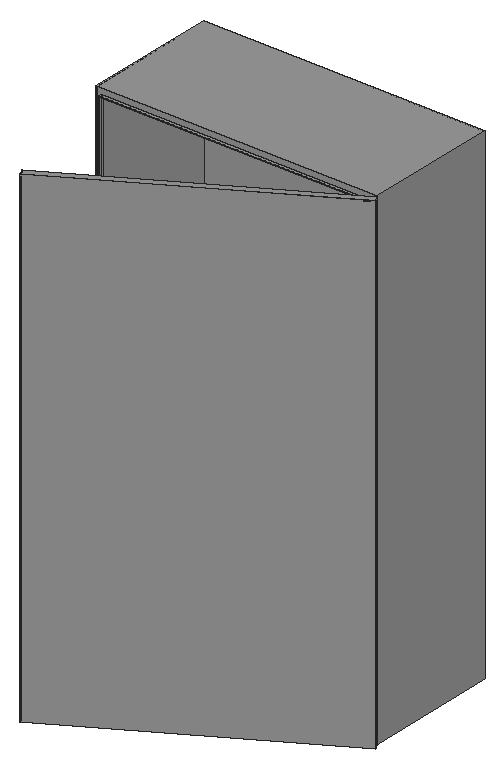
Revit family "Hager-Univers-IP55-D400-H1400-Cl.I-Steel_encl-NoHosted-CH-fr", category Electrical Equipment, Revit 2020
Family settings
  Panel Configuration = Two Columns, Circuits Across
  Round Connector Dimension = Use Diameter
  Part Type = Panelboard
  Work Plane-Based = Yes
  Always vertical = Yes
  Cut with Voids When Loaded = No
  Shared = No
  Room Calculation Point = No
Parameters (values of type "saillie IP55 L800 H1400 P400  - FR93G")
  Width Control [instance] = if([EF000008 - largeur] > Min Width, [EF000008 - largeur], Min Width)  # 800 mm
  Type Comments = [HG000003 - Gamme]  # "Univers"
  Thickness Door [instance] = if([EF009171 - épaisseur de matériau de la porte/du couvercle] > 3 mm, 3 mm, [EF009171 - épaisseur de matériau de la porte/du couvercle])  # 1.5 mm
  Seal Frame Offset [instance] = 17 mm  # constant formula
  Plinth Visibility [instance] = [HG000027 - Hauteur du socle] > 0 mm  # no
  Min Width [instance] = 100 mm  # constant formula
  Min Depth [instance] = (2 * [EF009170 - épaisseur de matériau du boîtier]) + 1 mm  # 4 mm
  Min Height [instance] = 100 mm  # constant formula
  Internal Frame Depth [instance] = (Door System Depth * 0.5)  # 9 mm
  Panel Name [instance] = ""  # (empty or 0)
  Model = ""
  HG000027 - Hauteur du socle = 0 mm
  HG000026 - Installation au sol = no
  HG000024 - Hauteur de la section basse = 600 mm
  HG000023 - Armoire double section = no
  HG000016 - Visibilité de la porte 3D [instance] = yes
  HG000015 - Visibilité de l'emprise de la porte [instance] = no
  HG000014 - Porte à droite [instance] = yes
  HG000013 - Porte à gauche [instance] = not([HG000014 - Porte à droite])  # no
  HG000012 - Angle de pivotement de la porte [instance] = 30.00°
  HG000010 - Portes asymétriques = no
  HG000009 - Porte à double battant = no
  HG000006 - Encastré = no
  HG000004 - Référence fabricant = "FR93G"
  HG000003 - Gamme = "Univers"
  HG000002 - avec porte = yes
  Frame Offset Bottom [instance] = 10 mm  # constant formula
  Frame Offset [instance] = 15 mm  # constant formula
  EF015940 - couvercle avec décharge de pression = no
  EF011959 - degré de protection (NEMA) = ""
  EF009554 - nombre d'ouvertures pour plaques à bride = 6
  EF009212 - finition du couvercle = "EV000116 - fermé"
  EF009171 - épaisseur de matériau de la porte/du couvercle = 1.5 mm
  EF009170 - épaisseur de matériau du boîtier = 1.5 mm
  EF008873 - courant nominal (In) = 800 A
  EF007800 - adapté à un parafoudre = no
  EF006306 - avec serrure = no
  EF006244 - couvercle/porte transparent(e) = no
  EF005474 - indice de protection (IP) = "EV006420 - IP55"
  EF004464 - type de porte = "EV002646 - unique"
  EF004427 - nombre de modules = 324
  EF004293 - indice de protection contre les chocs (IK) = "EV008784 - IK10"
  EF003532 - convient pour utilisation à l’extérieur = no
  EF002950 - largeur en nombre de modules = 24
  EF001613 - maintien de fonction = "EV000494 - sans"
  EF001596 - matériau du boîtier/corps = "EV000179 - acier"
  EF001131 - profondeur intérieure = 400 mm
  EF001088 - possibilité de montage en saillie = yes
  EF000437 - nombre d'entrées de conduit = 6
  EF000339 - type de capot = "EV004216 - porte"
  EF000266 - nombre de rangées = 9
  EF000218 - profondeur d'encastrement = 0 mm
  EF000118 - avec cadre/support de montage = no
  EF000116 - numéro RAL = "7035"
  EF000049 - profondeur = 400 mm
  EF000040 - hauteur = 1400 mm
  EF000008 - largeur = 800 mm
  EF000007 - couleur = "EV000270 - gris"
  EF000003 - mode de pose = "EV000384 - saillie"
  Door System Leaf Tolerance [instance] = 1.5 mm  # constant formula
  Door System Depth [instance] = 18 mm  # constant formula
  Door Height [instance] = Height Control - [HG000027 - Hauteur du socle]  # 1400 mm
  Description = ""
  Default Elevation = 1219.2 mm
  Connector Offset [instance] = Height Control / 2  # 700 mm
  Manufacturer = "Hager"  # constant formula
  Height Control [instance] = if([EF000040 - hauteur] > Min Height, [EF000040 - hauteur], Min Height)  # 1400 mm
  Depth Control [instance] = if([EF000049 - profondeur] > Min Depth, [EF000049 - profondeur], Min Depth)  # 400 mm
  Bottom Top Plate Trim [instance] = 1.5 mm  # constant formula
  Plinth height Ctrl [instance] = if([HG000027 - Hauteur du socle] > 0 mm, [HG000027 - Hauteur du socle], 12 mm)  # 12 mm
Types (3, lengths in mm): name | Width Control | HG000009 - Porte à double battant | HG000004 - Référence fabricant | EF009554 - nombre d'ouvertures pour plaques à bride | EF004464 - type de porte | EF004427 - nombre de modules | EF000437 - nombre d'entrées de conduit | EF000008 - largeur
  saillie IP55 L1050 H1400 P400  - FR94G | 1050 | yes | "FR94G" | 8 | "EV003602 - double" | 432 | 8 | 1050
  saillie IP55 L550 H1400 P400  - FR92G | 550 | no | "FR92G" | 4 | "EV002646 - unique" | 216 | 4 | 550
  saillie IP55 L800 H1400 P400  - FR93G | 800 | no | "FR93G" | 6 | "EV002646 - unique" | 324 | 6 | 800
Reference planes
  plane 1 "Center (Front/Back)": y = 0
  plane 2: z = 0
  plane 3 "Center (Left/Right)": x = 0
  plane 4: y = 0
  plane 5: y = 0
  plane 6: z = 0
  plane 7: x = -400
  plane 8: x = 400
  plane 9: x = 398.5
  plane 10: x = -398.5
  plane 11: z = 0
  plane 12: z = 1.5
  plane 13: y = -400
  plane 14: y = -1.5
  plane 15: x = 0
  plane 16: y = -382
  plane 17: y = -398.5
  plane 18: y = -380.5
  plane 19: x = -383.5
  plane 20: x = 383.5
  plane 21: z = 11.5
  plane 22: x = -383
  plane 23: x = 383
  plane 24: z = 0
  plane 25: z = 1400
  plane 26: z = 1400
  plane 27: z = 1383.5
  plane 28: z = 1398.5
Forms (mm)
  Extrusion 1, solid, material "Hager_Steel_RAL7035_Light_Grey", detail levels medium+fine
    sketch origin (-208.679, -4572, 0) x (-1, 0, 0) y (0, -1, 0)
      loop
        line (191.321, -4190) -> (-608.679, -4190) -> (-608.679, -4572) -> (191.321, -4572) -> (191.321, -4190)
    from 0 to 1400
  Extrusion 2, void
    sketch origin (-350.771, -400, 1219.2) x (1, 0, 0) y (0, 0, 1)
      loop
        line (-47.729, 179.3) -> (-47.729, -1217.7) -> (749.271, -1217.7) -> (749.271, 179.3) -> (-47.729, 179.3)
    from -19.5 to -398.5
  Extrusion 3, void
    sketch origin (-290.084, -382, 1219.2) x (1, 0, 0) y (0, 0, 1)
      loop
        line (-93.416, -1207.7) -> (673.584, -1207.7) -> (673.584, 164.3) -> (-93.416, 164.3) -> (-93.416, -1207.7)
    from 0 to -1.5
  Extrusion 4, solid, material "Hager_Steel_RAL7035_Light_Grey", visible <- "Plinth Visibility", detail levels medium+fine
    sketch origin (0, 0, 0) x (1, 0, 0) y (0, 1, 0)
      loop
        line (-400, 0) -> (-400, -382) -> (400, -382) -> (400, 0) -> (-400, 0)
    from 0 to 12 <- "Plinth height Ctrl"
  Extrusion 5, solid, material "Hager_Steel_RAL7035_Light_Grey", detail levels coarse
    sketch origin (0, 0, 0) x (1, 0, 0) y (0, 1, 0)
      loop
        line (-400, 0) -> (-400, -400) -> (400, -400) -> (400, 0) -> (-400, 0)
    from 0 to 1400 <- "Height Control"
  Sweep 6, void
    path in 3D
      loop
        line (-400, -382, 12) -> (400, -382, 12) -> (400, 0, 12) -> (-400, 0, 12) -> (-400, -382, 12)
    profile origin (-400, -191, 12) x (1, 0, 0) y (0, 0, 1)
      loop
        line (0, 0) -> (0, -1.5) -> (1.5, -1.5)
        arc (1.5, -1.5) -> (1.061, -0.439) -> (0, 0) r 1.5
  Extrusion 7, solid, material "Hager_Steel_RAL7035_Light_Grey", detail levels fine
    sketch origin (-400, -382, 0) x (1, 0, 0) y (0, 0, 1)
      loop
        line (16.5, 11.5) -> (783.5, 11.5) -> (783.5, 1383.5) -> (16.5, 1383.5) -> (16.5, 11.5)
      loop
        line (15, 10) -> (785, 10) -> (785, 1385) -> (15, 1385) -> (15, 10)
    from 0 to 9 <- "Internal Frame Depth"
Cuts and joins
  Extrusion 2, Extrusion 3 cuts Extrusion 1
  Sweep 6 cuts Extrusion 4
Lines and regions (mm)
  Masking region 1
    outline origin (0, 0, 0) x (1, 0, 0) y (0, 1, 0)
      loop
        line (-400, 0) -> (-400, -400) -> (400, -400) -> (400, 0) -> (-400, 0)
  Masking region 2, detail levels coarse
    outline origin (-290.084, -382, 1219.2) x (-1, 0, 0) y (0, 0, 1)
      loop
        line (-690.084, -1219.2) -> (109.916, -1219.2) -> (109.916, 180.8) -> (-690.084, 180.8) -> (-690.084, -1219.2)
  Masking region 3, detail levels coarse
    outline origin (0, 0, 0) x (0, 1, 0) y (0, 0, 1)
      loop
        line (0, 0) -> (0, 1400) -> (-400, 1400) -> (-400, 0) -> (0, 0)
  Masking region 4, visible <- "Plinth Visibility", detail levels medium+fine
    outline origin (0, 0, 0) x (0, 1, 0) y (0, 0, 1)
      loop
        line (-1.5, 12) -> (-380.5, 12)
        arc (-380.5, 12) -> (-380.939, 10.939) -> (-382, 10.5) r 1.5
        line (-382, 10.5) -> (-382, 0) -> (0, 0) -> (0, 10.5)
        arc (0, 10.5) -> (-1.061, 10.939) -> (-1.5, 12) r 1.5
  Masking region 5, detail levels medium+fine
    outline origin (0, 0, 594.038) x (0, 1, 0) y (0, 0, 1)
      loop
        line (0, -594.038) -> (0, 805.962) -> (-382, 805.962) -> (-382, -594.038) -> (0, -594.038)
  Masking region 6, detail levels medium+fine
    outline origin (-359.7, -382, 1211.883) x (-1, 0, 0) y (0, 0, 1)
      loop
        line (-759.7, -1211.883) -> (40.3, -1211.883) -> (40.3, 188.117) -> (-759.7, 188.117) -> (-759.7, -1211.883)
  Masking region 7, visible <- "Plinth Visibility", detail levels medium+fine
    outline origin (-320.334, -382, 1041.368) x (-1, 0, 0) y (0, 0, 1)
      loop
        line (-720.334, -1041.368) -> (79.666, -1041.368) -> (79.666, -1030.868)
        arc (79.666, -1030.868) -> (78.606, -1030.429) -> (78.166, -1029.368) r 1.5
        line (78.166, -1029.368) -> (-718.834, -1029.368)
        arc (-718.834, -1029.368) -> (-719.273, -1030.429) -> (-720.334, -1030.868) r 1.5
        line (-720.334, -1030.868) -> (-720.334, -1041.368)
  sketch lines
    curve 1: line (-400, 0, 12) -> (-400, -382, 12)
    curve 2: line (-400, -382, 12) -> (400, -382, 12)
    curve 3: line (400, 0, 12) -> (-400, 0, 12)
    curve 4: line (400, -382, 12) -> (400, 0, 12)
Dimensions and locks
  locked: plane 1 "Center (Front/Back)" to plane 5
  "EF009170 - épaisseur de matériau du boîtier": plane 7 to plane 10
  "EF009170 - épaisseur de matériau du boîtier": plane 8 to plane 9
  equal spacing: plane 7, plane 3 "Center (Left/Right)", plane 8
  "Width Control": plane 7 to plane 8
  "Depth Control": plane 4 to plane 13
  "EF009170 - épaisseur de matériau du boîtier": plane 4 to plane 14
  "Height Control": plane 25 to level
  "HG000027 - Hauteur du socle": plane 11 to level
  "EF009170 - épaisseur de matériau du boîtier": plane 12 to plane 11
  "EF009170 - épaisseur de matériau du boîtier": plane 17 to plane 13
  "EF009170 - épaisseur de matériau du boîtier": plane 18 to plane 16
  "Frame Offset Bottom": plane 21 to plane 12
  "Frame Offset": plane 10 to plane 19
  "Frame Offset": plane 9 to plane 20
  "Door System Depth": plane 16 to plane 13
  "Seal Frame Offset": plane 7 to plane 22
  "Seal Frame Offset": plane 8 to plane 23
  "EF009170 - épaisseur de matériau du boîtier": plane 26 to plane 28
  "Frame Offset": plane 28 to plane 27
  "Connector Offset": plane 2 to connector elem
  "Bottom Top Plate Trim": profile plane to Sweep 6 sketch curve
  "Bottom Top Plate Trim": Sweep 6 sketch curve to Sweep 6 sketch curve
  "Plinth height Ctrl": Masking region 4 sketch curve to level
  "Plinth height Ctrl": Masking region 7 sketch curve to level
  "Thickness Door": Extrusion 7 sketch curve to Extrusion 7 sketch curve  (x4)
  "Bottom Top Plate Trim": radius of Sweep 6 sketch curve
  "Bottom Top Plate Trim": radius of Masking region 4 sketch curve  (x2)
  "Bottom Top Plate Trim": radius of Masking region 7 sketch curve  (x2)
  aligned and locked: Extrusion 2 sketch curve to plane 12
  aligned and locked: Extrusion 2 sketch curve to plane 9
  aligned and locked: Extrusion 2 sketch curve to plane 10
  aligned and locked: Extrusion 2 to plane 14
  aligned and locked: Extrusion 1 sketch curve to plane 4
  aligned and locked: plane 8 to Extrusion 1 sketch curve
  aligned and locked: plane 7 to Extrusion 1 sketch curve
  aligned and locked: Extrusion 2 to plane 18
  aligned and locked: Extrusion 3 sketch curve to plane 19
  aligned and locked: plane 20 to Extrusion 3 sketch curve
  aligned and locked: Extrusion 3 to Extrusion 2
  aligned and locked: Extrusion 3 sketch curve to plane 21
  aligned and locked: plane 3 "Center (Left/Right)" to nested 1
  aligned and locked: Extrusion 1 sketch curve to plane 16
  aligned and locked: Extrusion 4 sketch curve to cut or joined group of Extrusion 1, Extrusion 2, Extrusion 3
  aligned and locked: Masking region 1 sketch curve to plane 7
  aligned and locked: Masking region 1 sketch curve to plane 5
  aligned and locked: Masking region 1 sketch curve to plane 8
  aligned and locked: Masking region 2 sketch curve to level
  aligned and locked: level to Masking region 3 sketch curve
  aligned and locked: plane 1 "Center (Front/Back)" to Masking region 3 sketch curve
  aligned and locked: plane 13 to Masking region 3 sketch curve
  aligned and locked: plane 5 to Masking region 4 sketch curve
  aligned and locked: Masking region 2 sketch curve to plane 8
  aligned and locked: Masking region 2 sketch curve to plane 7
  aligned and locked: plane 7 to nested 2
  aligned and locked: nested 2 to plane 5
  aligned and locked: plane 5 to Masking region 5 sketch curve
  aligned and locked: plane 26 to Masking region 5 sketch curve
  aligned and locked: Extrusion 5 sketch curve to plane 8
  aligned and locked: Extrusion 5 sketch curve to plane 7
  aligned and locked: Extrusion 5 sketch curve to plane 5
  aligned and locked: Extrusion 3 sketch curve to plane 27
  aligned and locked: Extrusion 2 sketch curve to plane 28
  aligned and locked: Masking region 2 to plane 25
  aligned and locked: Extrusion 4 to plane 16
  aligned and locked: profile plane to Sweep 6 sketch curve
  aligned and locked: Masking region 5 sketch curve to plane 24
  aligned and locked: level to Masking region 4 sketch curve
  aligned and locked: Masking region 1 to plane 13
  aligned and locked: nested 1 to plane 16
  aligned and locked: Masking region 3 to plane 25
  aligned and locked: plane 16 to Masking region 4 sketch curve
  aligned and locked: Masking region 5 sketch curve to plane 16
  aligned and locked: plane 24 to plane 11
  aligned and locked: plane 26 to plane 25
  aligned and locked: plane 26 to cut or joined group of Extrusion 1, Extrusion 2, Extrusion 3
  aligned and locked: nested 1 to plane 24
  aligned and locked: Extrusion 1 to Extrusion 3
  aligned and locked: Masking region 6 sketch curve to plane 8
  aligned and locked: Masking region 6 sketch curve to plane 24
  aligned and locked: Masking region 6 sketch curve to plane 7
  aligned and locked: Masking region 6 sketch curve to plane 26
  aligned and locked: Masking region 7 sketch curve to plane 7
  aligned and locked: level to Masking region 7 sketch curve
  aligned and locked: Masking region 7 sketch curve to plane 8
  aligned and locked: Extrusion 7 sketch curve to cut or joined group of Extrusion 1, Extrusion 2, Extrusion 3  (x4)
Automatic sketch dimensions
  plane 19 to Extrusion 3 sketch curve = 0 mm
  Extrusion 3 sketch curve to plane 20 = 0 mm
  Extrusion 3 sketch curve to plane 21 = 0 mm
  Extrusion 4 sketch curve to plane 7 = 0 mm
  Extrusion 4 sketch curve to plane 8 = 0 mm
  Extrusion 4 sketch curve to plane 16 = 0 mm
  Masking region 1 sketch curve to plane 13 = 0 mm
  Masking region 2 sketch curve to plane 25 = 0 mm
  Masking region 3 sketch curve to plane 25 = 0 mm
  Extrusion 5 sketch curve to plane 13 = 0 mm
  profile plane to Sweep 6 sketch curve = 0 mm
Nested families
  nested 1: "EC000058_Univers_Door" at (0, -382, 0), Double <- "HG000009 - Porte à double battant", Transparent <- "EF006244 - couvercle/porte transparent(e)", Angle <- "HG000012 - Angle de pivotement de la porte", Door_Right <- "HG000014 - Porte à droite", Assymetrical <- "HG000010 - Portes asymétriques", Door <- "HG000002 - avec porte", Width_Ctrl <- "Width Control", 3d_Door <- "HG000016 - Visibilité de la porte 3D", Clearance <- "HG000015 - Visibilité de l'emprise de la porte", Door_Left <- "HG000013 - Porte à gauche", Width <- "Width Control", Door_Depth <- "Door System Depth", Leaf_Tolerance <- "Door System Leaf Tolerance", Height <- "Door Height", Lock_Visibility <- "EF006306 - avec serrure", Thickness <- "Thickness Door", type "EC000058_Univers_Door", detail levels medium+fine
    with min_wh 4 mm, Width_Ctrl 800 mm, Width 800 mm, Transparent no, Thickness 1.5 mm, Seal_Material Hager_Rubber, Lock_Visibility no, Lock_Material Hager_Plastic_RAL9005_Jet_Black, Leaf_Width 800 mm, Leaf_Tolerance_External_Sides 0 mm, Leaf_Tolerance 1.5 mm, Leaf_Offset 0 mm, Leaf_Height 1397 mm, Leaf_2_Width 800 mm, Leaf_2_Offset 400 mm, Leaf_1_Width 800 mm, Leaf_1_Offset 400 mm, Height_Ctrl 1400 mm, Height 1400 mm, Glass_Material Hager_Glass, Double_Clearance_Ctrl no, Double no, Door_Right_Ctrl yes, Door_Right yes, Door_Material Hager_Steel_RAL7035_Light_Grey, Door_Left_Ctrl no, Door_Left no, Door_Depth 18 mm, Door yes, Clearance_Material Hager_Clearance, Clearance_Depth 800 mm, Clearance_Ctrl no, Clearance no, Assymetrical no, Angle 30.00°, 3d_Door yes
  nested 2: "Hager_Enclosure_Symbol" at (-400, 0, 0), Height <- "Depth Control", Width <- "Width Control", type "Hager_Enclosure_Symbol"
    with Width_Ctrl 800 mm, Width 800 mm, Height_Ctrl 400 mm, Height 400 mm, A_Width_Int 26.25 mm, A_Width 315 mm, A_Height_Ctrl 350 mm, A_Height 350 mm
Connectors
  electrical at (0, 0, 700)
    settings: on plane 1 "Center (Front/Back)", index 1, voltage 0 V, apparent load 0 VA, apparent load phase1 0 VA, apparent load phase2 0 VA, apparent load phase3 0 VA, power factor 1, load classification "Other", number of poles 1, system type 30, power factor state 1, is connector primary yes, connector utility no, sub classification motor no, connector description ""
Definition of nested family "EC000058_Univers_Door"
  Parameters (values of type "EC000058_Univers_Door")
    min_wh [instance] = (2 * Thickness) + 1 mm  # 11 mm
    Width_Ctrl [instance] = 400 mm
    Width [instance] = 500 mm
    Transparent [instance] = yes
    Thickness [instance] = 5 mm
    Seal_Material [instance] = none
    Lock_Visibility [instance] = yes
    Lock_Material [instance] = none
    Leaf_Width [instance] = if((Width_Ctrl - 2 * Leaf_Tolerance_External_Sides) > 0 mm, (Width_Ctrl - 2 * Leaf_Tolerance_External_Sides), min_wh)  # 400 mm
    Leaf_Tolerance_External_Sides [instance] = 0 mm  # constant formula
    Leaf_Tolerance [instance] = 1.5 mm
    Leaf_Offset [instance] = 0 mm  # constant formula
    Leaf_Height [instance] = if((Height_Ctrl - 2 * Leaf_Tolerance) > 0 mm, (Height_Ctrl - 2 * Leaf_Tolerance), min_wh)  # 497 mm
    Leaf_2_Width [instance] = if(and(and(Double, Assymetrical), Door_Left), (Leaf_Width / 3) - (Leaf_Tolerance / 2), if(and(and(Double, Assymetrical), Door_Right), (Leaf_Width / 3) * 2 - (Leaf_Tolerance / 2), if(and(Double, not(Assymetrical)), (Leaf_Width / 2) - Leaf_Tolerance, Leaf_Width)))  # 400 mm
    Leaf_2_Offset [instance] = if(and(Double, Assymetrical), Leaf_2_Width / 2, if(and(Double, not(Assymetrical)), Leaf_Width / 4, Leaf_Width / 2))  # 200 mm
    Leaf_1_Width [instance] = if(and(and(Double, Assymetrical), Door_Right), (Leaf_Width / 3) - (Leaf_Tolerance / 2), if(and(and(Double, Assymetrical), Door_Left), (Width / 3) * 2 - (Leaf_Tolerance / 2), if(and(Double, not(Assymetrical)), (Leaf_Width / 2) - Leaf_Tolerance, Leaf_Width)))  # 400 mm
    Leaf_1_Offset [instance] = if(and(Double, Assymetrical), Leaf_1_Width / 2, if(and(Double, not(Assymetrical)), Leaf_Width / 4, Leaf_Width / 2))  # 200 mm
    Height_Ctrl [instance] = if(Height > min_wh, Height, min_wh)  # 500 mm
    Height [instance] = 500 mm
    Glass_Material [instance] = none
    Double_Clearance_Ctrl [instance] = and(Double, Clearance)  # no
    Double [instance] = no
    Door_Right_Ctrl [instance] = and(or(Door_Right, Double), Door)  # yes
    Door_Right [instance] = yes
    Door_Material [instance] = none
    Door_Left_Ctrl [instance] = and(or(Door_Left, Double), Door)  # no
    Door_Left [instance] = no
    Door_Depth [instance] = 30 mm
    Door [instance] = yes
    Default Elevation = 1219.2 mm
    Clearance_Material [instance] = none
    Clearance_Depth [instance] = if(Leaf_1_Width > Leaf_2_Width, Leaf_1_Width, Leaf_2_Width)  # 400 mm
    Clearance_Ctrl [instance] = and(not(Double), Clearance)  # yes
    Clearance [instance] = yes
    Assymetrical [instance] = yes
    Angle [instance] = 30.00°
    3d_Door [instance] = yes
  Reference planes
    plane 1 "Center (Front/Back)": y = 0
    plane 2 "Bottom": z = 0
    plane 3 "Center (Left/Right)": x = 0
    plane 4: z = 500
    plane 5: x = -200
    plane 6: x = 200
    plane 7: z = 500
    plane 8: x = -200
    plane 9: z = 0
    plane 10: x = 200
    plane 11: y = 0
    plane 12: z = 1.5
    plane 13: x = -600
    plane 14: y = -400
    plane 15: x = 600
    plane 16: x = 0
    plane 17: x = 0
    plane 18: x = -200
    plane 19: x = 200
    plane 20: z = 498.5
  Forms (mm)
    Extrusion 1, solid, material <- "Clearance_Material", visible <- "Double_Clearance_Ctrl"
      sketch origin (1200, 0, 0) x (1, 0, 0) y (0, 0, -1)
        loop
          line (-1800, -498.5) -> (-600, -498.5) -> (-600, 0) -> (-1800, 0) -> (-1800, -498.5)
      from 0 to -400
  Dimensions and locks
    equal spacing: plane 5, plane 3 "Center (Left/Right)", plane 6
    "Width_Ctrl": plane 5 to plane 6
    "Leaf_Offset": plane 5 to plane 8
    "Leaf_Offset": plane 6 to plane 10
    "Leaf_Offset": plane 9 to level
    "Leaf_Offset": plane 4 to plane 7
    "Height_Ctrl": plane 4 to level
    "Leaf_Tolerance": plane 12 to plane 9
    locked: plane 11 to plane 1 "Center (Front/Back)"
    "Leaf_1_Offset": plane 18 to plane 16
    "Leaf_2_Offset": plane 17 to plane 19
    "Leaf_1_Width": plane 13 to plane 8
    "Leaf_2_Width": plane 10 to plane 15
    "Clearance_Depth": plane 14 to plane 1 "Center (Front/Back)"
    "Leaf_Tolerance_External_Sides": plane 8 to plane 18
    "Leaf_Tolerance_External_Sides": plane 19 to plane 10
    "Leaf_Tolerance": plane 7 to plane 20
    aligned and locked: level to plane 2 "Bottom"
    aligned and locked: nested 1 to plane 16
    aligned and locked: nested 2 to plane 17
    aligned and locked: Extrusion 1 to plane 13
    aligned and locked: plane 15 to Extrusion 1
    aligned and locked: Extrusion 1 to plane 14
    aligned and locked: plane 12 to nested 1
    aligned and locked: nested 2 to plane 12
    aligned and locked: Extrusion 1 to plane 11
    aligned and locked: plane 20 to Extrusion 1
    aligned and locked: nested 2 to plane 11
    aligned and locked: nested 1 to plane 11
  Automatic sketch dimensions
    Extrusion 1 sketch curve to level = 0 mm
    plane 5 to Extrusion 1 sketch curve = 400 mm
    plane 6 to Extrusion 1 sketch curve = 400 mm
    Extrusion 1 sketch curve to plane 4 = 1.5 mm
  Nested families
    nested 1: "EC000058_Univers_Door_Leaf" at (0, 0, 1.5), Width <- "Leaf_1_Width", visible <- "Door_Left_Ctrl", Leaf_Height <- "Leaf_Height", Angle <- "Angle", 3d_Door <- "3d_Door", Transparent <- "Transparent", Clearance Material <- "Clearance_Material", Clearance <- "Clearance_Ctrl", Door_Material <- "Door_Material", Glass_Material <- "Glass_Material", Door_Depth <- "Door_Depth", Lock_Material <- "Lock_Material", Seal_Material <- "Seal_Material", Lock_Visibility <- "Lock_Visibility", Thickness <- "Thickness", type "EC000058_Univers_Door_Leaf"
      with Width 400 mm, Transparent_Glass_Offset 30 mm, Transparent_Ctrl yes, Transparent yes, Thickness 5 mm, Standard no, Seal_Material none, Seal_D2 8 mm, Seal_D1 1 mm, Offset_Internal_Frame 10 mm, Lock_Width 20 mm, Lock_Visibility_3d yes, Lock_Visibility yes, Lock_Thickness_3 3 mm, Lock_Thickness_2 1 mm, Lock_Thickness_1 3 mm, Lock_Radius_Offset_2 16 mm, Lock_Radius_Offset_1 15 mm, Lock_Radius_2 5 mm, Lock_Radius 6 mm, Lock_Offset 5 mm, Lock_Material none, Lock_Height 80 mm, Lock_Cover_Top_Offset_2d 17 mm, Lock_Cover_Height -65 mm, Leaf_Height 497 mm, Internal_Seal_Thickness 8 mm, Internal_Seal_Depth_2 4.5 mm, Internal_Frame_Depth 25 mm, Glass_Thickness -1 mm, Glass_Offset -2 mm, Glass_Material none, Door_Material none, Door_Depth 30 mm, Clearance Material none, Clearance yes, Angle_Ctrl 30.00°, Angle 30.00°, 3d_Door yes
    nested 2: "EC000058_Univers_Door_Leaf" at (0, 0, 1.5) x (-1, 0, 0) z (0, 0, 1), Width <- "Leaf_2_Width", visible <- "Door_Right_Ctrl", Leaf_Height <- "Leaf_Height", Angle <- "Angle", 3d_Door <- "3d_Door", Transparent <- "Transparent", Clearance Material <- "Clearance_Material", Clearance <- "Clearance_Ctrl", Door_Material <- "Door_Material", Glass_Material <- "Glass_Material", Door_Depth <- "Door_Depth", Lock_Material <- "Lock_Material", Seal_Material <- "Seal_Material", Lock_Visibility <- "Lock_Visibility", Thickness <- "Thickness", type "EC000058_Univers_Door_Leaf"
      with Width 400 mm, Transparent_Glass_Offset 30 mm, Transparent_Ctrl yes, Transparent yes, Thickness 5 mm, Standard no, Seal_Material none, Seal_D2 8 mm, Seal_D1 1 mm, Offset_Internal_Frame 10 mm, Lock_Width 20 mm, Lock_Visibility_3d yes, Lock_Visibility yes, Lock_Thickness_3 3 mm, Lock_Thickness_2 1 mm, Lock_Thickness_1 3 mm, Lock_Radius_Offset_2 16 mm, Lock_Radius_Offset_1 15 mm, Lock_Radius_2 5 mm, Lock_Radius 6 mm, Lock_Offset 5 mm, Lock_Material none, Lock_Height 80 mm, Lock_Cover_Top_Offset_2d 17 mm, Lock_Cover_Height -65 mm, Leaf_Height 497 mm, Internal_Seal_Thickness 8 mm, Internal_Seal_Depth_2 4.5 mm, Internal_Frame_Depth 25 mm, Glass_Thickness -1 mm, Glass_Offset -2 mm, Glass_Material none, Door_Material none, Door_Depth 30 mm, Clearance Material none, Clearance yes, Angle_Ctrl 30.00°, Angle 30.00°, 3d_Door yes
  Definition of nested family "EC000058_Univers_Door_Leaf"
    Parameters (values of type "EC000058_Univers_Door_Leaf")
      Width [instance] = 2000 mm
      Transparent_Glass_Offset [instance] = 30 mm
      Transparent_Ctrl [instance] = and(Transparent, [3d_Door])  # yes
      Transparent [instance] = yes
      Thickness [instance] = 5 mm
      Standard [instance] = and(not(Transparent), [3d_Door])  # no
      Seal_Material [instance] = none
      Seal_D2 [instance] = 8 mm  # constant formula
      Seal_D1 [instance] = 1 mm  # constant formula
      Offset_Internal_Frame [instance] = 10 mm  # constant formula
      Lock_Width [instance] = 20 mm  # constant formula
      Lock_Visibility_3d [instance] = and(Lock_Visibility, [3d_Door])  # yes
      Lock_Visibility [instance] = yes
      Lock_Thickness_3 [instance] = 3 mm  # constant formula
      Lock_Thickness_2 [instance] = 1 mm  # constant formula
      Lock_Thickness_1 [instance] = 3 mm  # constant formula
      Lock_Radius_Offset_2 [instance] = Lock_Radius_Offset_1 + 1 mm  # 16 mm
      Lock_Radius_Offset_1 [instance] = 15 mm  # constant formula
      Lock_Radius_2 [instance] = Lock_Radius - 1 mm  # 5 mm
      Lock_Radius [instance] = 6 mm  # constant formula
      Lock_Offset [instance] = 5 mm  # constant formula
      Lock_Material [instance] = none
      Lock_Height [instance] = 80 mm  # constant formula
      Lock_Cover_Top_Offset_2d [instance] = Lock_Radius_Offset_2 + 1 mm  # 17 mm
      Lock_Cover_Height [instance] = -(Lock_Height - Lock_Radius_Offset_1)  # -65 mm
      Leaf_Height [instance] = 2720.336 mm
      Internal_Seal_Thickness [instance] = 8 mm  # constant formula
      Internal_Seal_Depth_2 [instance] = 4.5 mm  # constant formula
      Internal_Frame_Depth [instance] = if(Door_Depth - Thickness > 5 mm, Door_Depth - Thickness, 5 mm)  # 25 mm
      Glass_Thickness [instance] = if(Thickness > 15 mm, Glass_Offset + 10 mm, -1 mm)  # -1 mm
      Glass_Offset [instance] = if(Thickness > 15 mm, -(Thickness + 10 mm) / 2, -2 mm)  # -2 mm
      Glass_Material [instance] = none
      Door_Material [instance] = none
      Door_Depth [instance] = 30 mm
      Default Elevation = 0 mm
      Clearance Material [instance] = none
      Clearance [instance] = yes
      Angle_Ctrl [instance] = if(Angle > 180.00°, 180.00°, Angle)  # 90.00°
      Angle [instance] = 90.00°
      3d_Door [instance] = yes
    Reference planes
      plane 1 "Center (Front/Back)": y = 0
      plane 2: z = 0
      plane 3 "Center (Left/Right)": x = 0
      plane 4: y = 2000
      plane 5: x = -1000
      plane 6: x = 1000
      plane 7: x = -3000
      plane 8: z = 2720.336
      plane 9: z = 30
      plane 10: z = 2690.336
      plane 11: x = 970
      plane 12: x = -970
      plane 13: y = -3
      plane 14: z = 107.833
      plane 15: y = -5
      plane 16: y = -223.314
      plane 17: x = -1000
      plane 18: z = 1360.168
      plane 19: y = 30
    Forms (mm)
      Extrusion 1, solid, material <- "Clearance Material", visible <- "Clearance"
        sketch origin (0, 0, 0) x (1, 0, 0) y (0, 0, 1)
          loop
            line (-3000, 2720.336) -> (-3000, 0) -> (1000, 0) -> (1000, 2720.336) -> (-3000, 2720.336)
        from 0 to -2000
      Extrusion 2, solid, material <- "Door_Material", visible <- "Standard", detail levels medium+fine
        sketch origin (-1000, 0, 0) x (0, 1, 0) y (-1, 0, 0)
          loop
            line (0, 30) -> (0, 25) -> (2000, 25) -> (2000, 30) -> (0, 30)
        from 0 to 2720.336 <- "Leaf_Height"
      Extrusion 3, solid, material <- "Door_Material", visible <- "Transparent_Ctrl", detail levels medium+fine
        sketch origin (-1000, 0, 0) x (0, 1, 0) y (-1, 0, 0)
          loop
            line (0, 25) -> (2000, 25) -> (2000, 30) -> (0, 30) -> (0, 25)
        from 0 to 2720.336 <- "Leaf_Height"
      Extrusion 4, void
        sketch origin (-1025, 2000, 0) x (0, 1, 0) y (0, 0, -1)
          loop
            line (-30, -2690.336) -> (-30, -30) -> (-1970, -30) -> (-1970, -2690.336) -> (-30, -2690.336)
        from 0 to 5 <- "Thickness"
      Sweep 5, solid, material <- "Seal_Material", visible <- "Transparent_Ctrl", detail levels fine
        path in 3D
          loop
            line (-1025, 30, 30) -> (-1025, 30, 2690.336) -> (-1025, 1970, 2690.336) -> (-1025, 1970, 30) -> (-1025, 30, 30)
        profile origin (-1025, 1000, 30) x (1, 0, 0) y (0, 0, 1)
          loop
            line (0, 0) -> (0, -8) -> (1, -8) -> (1, 0) -> (0, 0)
      Extrusion 6, solid, material <- "Glass_Material", visible <- "Transparent_Ctrl", detail levels medium+fine
        sketch origin (-1030, 0, 0) x (0, 1, 0) y (0, 0, -1)
          loop
            line (1970, -2690.336) -> (1970, -30) -> (30, -30) -> (30, -2690.336) -> (1970, -2690.336)
        from -2 <- "Glass_Offset" to -1 <- "Glass_Thickness"
      Extrusion 7, solid, material <- "Door_Material", visible <- "3d_Door", detail levels medium+fine
        sketch origin (-1025, 2000, 0) x (0, -1, 0) y (0, 0, -1)
          loop
            line (0, -2720.336) -> (2000, -2720.336) -> (2000, 0) -> (0, 0) -> (0, -2720.336)
          loop
            line (1995, -5) -> (5, -5) -> (5, -2715.336) -> (1995, -2715.336) -> (1995, -5)
        from 0 to 25 <- "Internal_Frame_Depth"
      Sweep 8, solid, material <- "Seal_Material", visible <- "Transparent_Ctrl", detail levels fine
        path in 3D
          loop
            line (-1025, 0, 0) -> (-1025, 2000, 0) -> (-1025, 2000, 2720.336) -> (-1025, 0, 2720.336) -> (-1025, 0, 0)
        profile origin (-1025, 0, 1360.168) x (1, 0, 0) y (0, 1, 0)
          loop
            line (0, 10) -> (2.975, 10)
            arc (2.975, 10) -> (4.053, 10.447) -> (4.5, 11.525) r 1.525
            line (4.5, 11.525) -> (4.5, 16.527)
            arc (4.5, 16.527) -> (4.069, 17.569) -> (3.027, 18) r 1.473
            line (3.027, 18) -> (0, 18) -> (0, 10)
      Extrusion 9, solid, material <- "Lock_Material", visible <- "Lock_Visibility_3d", detail levels fine
        sketch origin (-1030, 0, 0) x (0, 1, 0) y (0, 0, -1)
          loop
            arc (1993.5, -1400.168) -> (1994.561, -1399.729) -> (1995, -1398.668) r 1.5
            line (1995, -1398.668) -> (1995, -1320.168) -> (1975, -1320.168) -> (1975, -1398.668)
            arc (1975, -1398.668) -> (1975.439, -1399.729) -> (1976.5, -1400.168) r 1.5
            line (1976.5, -1400.168) -> (1993.5, -1400.168)
        from 3 <- "Lock_Thickness_1" to 0
      Blend 10, solid, material <- "Lock_Material", visible <- "Lock_Visibility_3d", detail levels fine
        base sketch origin (-1033, 0, 0) x (0, 1, 0) y (0, 0, -1)
          loop
            line (1975, -1320.168) -> (1975, -1398.668)
            arc (1975, -1398.668) -> (1975.439, -1399.729) -> (1976.5, -1400.168) r 1.5
            line (1976.5, -1400.168) -> (1993.5, -1400.168)
            arc (1993.5, -1400.168) -> (1994.561, -1399.729) -> (1995, -1398.668) r 1.5
            line (1995, -1398.668) -> (1995, -1320.168) -> (1975, -1320.168)
        top sketch origin (-1033, 0, 0) x (0, 1, 0) y (0, 0, -1)
          loop
            line (1976, -1320.168) -> (1976, -1398.668)
            arc (1976, -1398.668) -> (1976.146, -1399.022) -> (1976.5, -1399.168) r 0.5
            line (1976.5, -1399.168) -> (1993.5, -1399.168)
            arc (1993.5, -1399.168) -> (1993.854, -1399.022) -> (1994, -1398.668) r 0.5
            line (1994, -1398.668) -> (1994, -1320.168) -> (1976, -1320.168)
        from 0 to 1 <- "Lock_Thickness_2"
      Blend 11, solid, material <- "Lock_Material", visible <- "Lock_Visibility_3d", detail levels fine
        base sketch origin (-1034, 0, 0) x (0, 1, 0) y (0, 0, -1)
          loop
            line (1978, -1320.168) -> (1978, -1384.168)
            arc (1978, -1384.168) -> (1985, -1391.168) -> (1992, -1384.168) r 7
            line (1992, -1384.168) -> (1992, -1320.168) -> (1978, -1320.168)
        top sketch origin (-1034, 0, 0) x (0, 1, 0) y (0, 0, -1)
          loop
            line (1991, -1320.168) -> (1979, -1320.168) -> (1979, -1383.168)
            arc (1979, -1383.168) -> (1985, -1389.168) -> (1991, -1383.168) r 6
            line (1991, -1383.168) -> (1991, -1320.168)
        from 0 to 3 <- "Lock_Thickness_3"
      Extrusion 12, solid, material <- "Lock_Material", visible <- "Lock_Visibility_3d", detail levels fine
        sketch origin (-1030, 1975, 1320.168) x (1, 0, 0) y (0, -1, 0)
          loop
            line (-7, -19) -> (-7, -1) -> (0, -1) -> (0, 0) -> (-8, 0) -> (-8, -20) -> (0, -20) -> (0, -19) -> (-7, -19)
        from 0 to -65 <- "Lock_Cover_Height"
      Extrusion 13, void
        sketch origin (-1038, 1995, 1320.168) x (-1, 0, 0) y (0, 0, -1)
          loop
            line (-5, -65) -> (0, -65) -> (-5, -60) -> (-5, -65)
        from 0 to 20 <- "Lock_Width"
      Extrusion 14, void
        sketch origin (-1038, 1975, 1320.168) x (0, -1, 0) y (0, 0, -1)
          loop
            circle (-10, -15.995) r 6
          loop
            circle (-10, -15.995) r 5
        from 0 to 2
      Extrusion 15, solid, material <- "Lock_Material", visible <- "Lock_Visibility_3d", detail levels medium
        sketch origin (-1030, 0, 0) x (0, 1, 0) y (0, 0, -1)
          loop
            arc (1993.5, -1400.168) -> (1994.561, -1399.729) -> (1995, -1398.668) r 1.5
            line (1995, -1398.668) -> (1995, -1320.168) -> (1975, -1320.168) -> (1975, -1398.668)
            arc (1975, -1398.668) -> (1975.439, -1399.729) -> (1976.5, -1400.168) r 1.5
            line (1976.5, -1400.168) -> (1993.5, -1400.168)
        from 8 to 0
    Cuts and joins
      Extrusion 4 cuts Extrusion 3
      Extrusion 13, Extrusion 14 cuts Extrusion 9
      Extrusion 14 cuts Blend 11
      Extrusion 13, Extrusion 14 cuts Extrusion 12
      joined: Extrusion 9, Blend 10, Blend 11, Extrusion 12
      Extrusion 14 cuts Extrusion 15
    Lines and regions (mm)
      Masking region 1, visible <- "Lock_Visibility", detail levels fine
        outline origin (0, 0, 0) x (0, 1, 0) y (0, 0, 1)
          loop
            line (30, 1320.168) -> (33, 1320.168) -> (33, 1400.168) -> (30, 1400.168) -> (30, 1320.168)
      Masking region 2, visible <- "Lock_Visibility", detail levels fine
        outline origin (0, 3.143, 0) x (0, 1, 0) y (0, 0, 1)
          loop
            line (29.857, 1354.168) -> (30.857, 1354.168) -> (30.857, 1366.168) -> (29.857, 1366.168) -> (29.857, 1354.168)
      Masking region 3, detail levels medium+fine
        outline origin (0, 0, 0) x (0, 1, 0) y (0, 0, 1)
          loop
            line (0, 0) -> (30, 0) -> (30, 2720.336) -> (0, 2720.336) -> (0, 0)
      Masking region 4, detail levels medium+fine
        outline origin (0, 0, 0) x (1, 0, 0) y (0, 0, 1)
          loop
            line (-1000, 2720.336) -> (-1000, 0) -> (1000, 0) -> (1000, 2720.336) -> (-1000, 2720.336)
      Masking region 5, visible <- "Lock_Visibility", detail levels fine
        outline origin (-47.116, 0, 0) x (1, 0, 0) y (0, 0, 1)
          loop
            arc (1024.616, 1399.168) -> (1023.556, 1398.729) -> (1023.116, 1397.668) r 1.5
            line (1023.116, 1397.668) -> (1023.116, 1320.168) -> (1041.116, 1320.168) -> (1041.116, 1397.668)
            arc (1041.116, 1397.668) -> (1040.677, 1398.729) -> (1039.616, 1399.168) r 1.5
            line (1039.616, 1399.168) -> (1024.616, 1399.168)
      Masking region 6, visible <- "Lock_Visibility", detail levels medium+fine
        outline origin (-25, 0, 0) x (1, 0, 0) y (0, 0, 1)
          loop
            arc (1001.5, 1400.168) -> (1000.439, 1399.729) -> (1000, 1398.668) r 1.5
            line (1000, 1398.668) -> (1000, 1320.168) -> (1020, 1320.168) -> (1020, 1398.668)
            arc (1020, 1398.668) -> (1019.561, 1399.729) -> (1018.5, 1400.168) r 1.5
            line (1018.5, 1400.168) -> (1001.5, 1400.168)
      Masking region 7, visible <- "Lock_Visibility", detail levels fine
        outline origin (-73.735, 0, 0) x (1, 0, 0) y (0, 0, 1)
          loop
            line (1051.735, 1382.168) -> (1065.735, 1382.168) -> (1065.735, 1384.168)
            arc (1065.735, 1384.168) -> (1058.735, 1391.168) -> (1051.735, 1384.168) r 7
            line (1051.735, 1384.168) -> (1051.735, 1382.168)
      Masking region 8, visible <- "Lock_Visibility", detail levels fine
        outline origin (-73.735, 0, 0) x (1, 0, 0) y (0, 0, 1)
          loop
            line (1052.735, 1382.168) -> (1064.735, 1382.168) -> (1064.735, 1383.168)
            arc (1064.735, 1383.168) -> (1058.735, 1389.168) -> (1052.735, 1383.168) r 6
            line (1052.735, 1383.168) -> (1052.735, 1382.168)
      Masking region 9, visible <- "Lock_Visibility", detail levels fine
        outline origin (-25, 0, 0) x (1, 0, 0) y (0, 0, 1)
          loop
            line (1020, 1320.168) -> (1020, 1382.168) -> (1000, 1382.168) -> (1000, 1320.168) -> (1020, 1320.168)
      Masking region 10, detail levels medium+fine
        outline origin (0, 0, 0) x (1, 0, 0) y (0, 0, 1)
          loop
            circle (985, 1335.144) r 6
      Masking region 11, detail levels fine
        outline origin (0, 0, 0) x (1, 0, 0) y (0, 0, 1)
          loop
            circle (985, 1335.144) r 5
      Masking region 12, visible <- "Lock_Visibility", detail levels fine
        outline origin (0, 12.767, 0) x (0, 1, 0) y (0, 0, 1)
          loop
            line (20.233, 1320.168) -> (21.233, 1320.168) -> (21.233, 1399.168) -> (20.233, 1400.168) -> (20.233, 1320.168)
      Masking region 13, visible <- "Lock_Visibility", detail levels fine
        outline origin (0, 13.767, -10) x (0, 1, 0) y (0, 0, 1)
          loop
            line (20.233, 1330.168) -> (23.233, 1330.168) -> (23.233, 1399.168) -> (20.233, 1402.168) -> (20.233, 1330.168)
      Masking region 14, visible <- "Lock_Visibility", detail levels fine
        outline origin (0, 12.767, -10) x (0, 1, 0) y (0, 0, 1)
          loop
            line (20.233, 1330.168) -> (25.233, 1330.168) -> (25.233, 1399.305) -> (20.233, 1394.305) -> (20.233, 1330.168)
      Masking region 15, visible <- "Lock_Visibility", detail levels medium
        outline origin (0, 0, 0) x (0, 1, 0) y (0, 0, 1)
          loop
            line (30, 1320.168) -> (38, 1320.168) -> (38, 1400.168) -> (30, 1400.168) -> (30, 1320.168)
      Masking region 16, visible <- "Lock_Visibility", detail levels fine
        outline origin (-1000, 0, 0) x (0, 1, 0) y (-1, 0, 0)
          loop
            line (1975, 30) -> (1995, 30) -> (1995, 38) -> (1975, 38) -> (1975, 30)
          loop
            line (1979, 37) -> (1976, 37) -> (1976, 34) -> (1978, 34) -> (1979, 37)
          loop
            line (1994, 37) -> (1991, 37) -> (1992, 34) -> (1994, 34) -> (1994, 37)
      Masking region 17, visible <- "Lock_Visibility", detail levels medium
        outline origin (-1000, 0, 0) x (0, 1, 0) y (-1, 0, 0)
          loop
            line (1975, 30) -> (1995, 30) -> (1995, 38) -> (1975, 38) -> (1975, 30)
      symbolic lines
        curve 1: line (1000, 0, 0) -> (-3000, 0, 0)
        curve 2: arc (1000, 0, 0) -> (-1000, 2000, 0) -> (-3000, 0, 0) r 2000
        curve 4: line (-1030, 0, 0) -> (-1030, 2000, 0)
      reference lines
        curve 3: line (-1000, 0, 0) -> (-1000, 2000, 0)
      symbolic lines, detail levels medium+fine
        curve 5: line (-1030, 2000, 0) -> (-1025, 2000, 0)
        curve 7: line (-1025, 0, 0) -> (-1030, 0, 0)
        curve 8: line (-1025, 0, 0) -> (-1000, 0, 0)
        curve 9: line (-1000, 0, 0) -> (-1000, 2000, 0)
        curve 10: line (-1000, 2000, 0) -> (-1025, 2000, 0)
      symbolic lines, detail levels fine
        curve 6: line (-1025, 2000, 0) -> (-1025, 0, 0)
      sketch lines
        curve 11: line (-1025, 0, 2720.336) -> (-1025, 0, 0)
        curve 12: line (-1025, 2000, 0) -> (-1025, 0, 0)
        curve 13: line (-1025, 2000, 2720.336) -> (-1025, 2000, 0)
        curve 14: line (-1025, 0, 2720.336) -> (-1025, 2000, 2720.336)
        curve 15: line (-1025, 1970, 30) -> (-1025, 30, 30)
        curve 16: line (-1025, 30, 30) -> (-1025, 30, 2690.336)
        curve 17: line (-1025, 1970, 2690.336) -> (-1025, 1970, 30)
        curve 18: line (-1025, 30, 2690.336) -> (-1025, 1970, 2690.336)
      symbolic lines, visible <- "Transparent", detail levels medium+fine
        curve 19: line (-970, 0, 2690.336) -> (970, 0, 2690.336)
        curve 20: line (-970, 0, 30) -> (-970, 0, 2690.336)
        curve 21: line (970, 0, 30) -> (-970, 0, 30)
        curve 22: line (970, 0, 2690.336) -> (970, 0, 30)
    Dimensions and locks
      "Width": plane 1 "Center (Front/Back)" to plane 4
      equal spacing: plane 5, plane 3 "Center (Left/Right)", plane 6
      "Width": plane 5 to plane 6
      "Width": plane 7 to plane 5
      "Leaf_Height": plane 8 to level
      "Width": curve 5 to curve 3
      "Width": curve 3 to curve 3
      plane 8 to plane 10 = 30 mm
      plane 9 to level = 30 mm
      plane 12 to plane 5 = 30 mm
      plane 6 to plane 11 = 30 mm
      Extrusion 1 to Extrusion 4 sketch curve = 30 mm
      "Transparent_Glass_Offset": curve 3 to Extrusion 4 sketch curve
      "Transparent_Glass_Offset": Extrusion 4 sketch curve to cut or joined group of Extrusion 3, Extrusion 4  (x2)
      cut or joined group of Extrusion 3, Extrusion 4 to Extrusion 6 sketch curve = 30 mm
      "Transparent_Glass_Offset": cut or joined group of Extrusion 3, Extrusion 4 to Extrusion 4 sketch curve
      "Thickness": curve 6 to curve 4
      "Thickness": Extrusion 7 sketch curve to Extrusion 7 sketch curve  (x4)
      "Door_Depth": curve 4 to curve 3
      "Offset_Internal_Frame": profile plane to Sweep 8 sketch curve
      "Internal_Seal_Thickness": Sweep 8 sketch curve to Sweep 8 sketch curve
      "Internal_Seal_Depth_2": profile plane to Sweep 8 sketch curve
      "Seal_D1": profile plane to Sweep 5 sketch curve
      "Seal_D2": profile plane to Sweep 5 sketch curve
      "Thickness": Extrusion 2 sketch curve to Extrusion 2 sketch curve
      equal spacing: Extrusion 9 sketch curve, plane 18, Extrusion 9 sketch curve  (x2)
      equal spacing: Masking region 1 sketch curve, plane 18, Masking region 1 sketch curve
      "Lock_Height": Masking region 1 sketch curve to Masking region 1 sketch curve
      "Lock_Radius": Masking region 2 sketch curve to plane 18 to Masking region 2 sketch curve
      Masking region 2 sketch curve to Masking region 1 = 1 mm
      "Door_Depth": plane 19 to plane 1 "Center (Front/Back)"
      "Lock_Thickness_1": Masking region 1 sketch curve to plane 19
      "Lock_Width": Extrusion 9 sketch curve to Extrusion 9 sketch curve
      "Lock_Height": Extrusion 9 sketch curve to Extrusion 9 sketch curve
      "Lock_Offset": cut or joined group of Extrusion 3, Extrusion 4 to Extrusion 9 sketch curve
      equal spacing: plane 8, plane 18, level
      "Lock_Radius_Offset_1": Blend 11 sketch curve to Blend 10
      locked: Blend 10 to Blend 11 sketch curve at 2  (x2)
      locked: var sketch to Blend 11 sketch curve at 1  (x2)
      "Lock_Radius_Offset_2": Blend 11 sketch curve to Blend 10
      locked: Extrusion 12 sketch curve to Extrusion 12 sketch curve at 1  (x3)
      Masking region 6 sketch curve to Masking region 6 sketch curve = 80 mm
      "Lock_Height": Masking region 6 sketch curve to Masking region 6 sketch curve
      "Lock_Width": Masking region 6 sketch curve to Masking region 6 sketch curve
      locked: Masking region 6 to Masking region 5 sketch curve at 1  (x3)
      locked: Masking region 5 to Masking region 7 sketch curve at 2  (x2)
      "Lock_Radius_Offset_1": Masking region 5 to Masking region 7 sketch curve
      "Lock_Radius_Offset_2": Masking region 5 to Masking region 8 sketch curve
      locked: Masking region 7 to Masking region 8 sketch curve at 1  (x2)
      "Lock_Cover_Top_Offset_2d": Masking region 5 to Masking region 9 sketch curve
      equal spacing: Masking region 9, Masking region 10 sketch curve, Masking region 9
      equal spacing: Masking region 9, Masking region 11 sketch curve, Masking region 9
      Extrusion 15 sketch curve to Extrusion 15 sketch curve = 80 mm
      "Lock_Width": Extrusion 15 sketch curve to Extrusion 15 sketch curve
      "Lock_Height": Extrusion 15 sketch curve to Extrusion 15 sketch curve
      equal spacing: Extrusion 15 sketch curve, plane 18, Extrusion 15 sketch curve
      "Lock_Thickness_3": Masking region 13 sketch curve to Masking region 13 sketch curve
      "Lock_Height": Masking region 12 sketch curve to Masking region 12 sketch curve
      locked: Masking region 13 sketch curve to Masking region 1 at 8
      locked: Masking region 14 sketch curve to Masking region 13 at 1
      locked: Masking region 14 sketch curve to Masking region 1 at 10.863
      "Lock_Height": Masking region 15 sketch curve to Masking region 15 sketch curve
      "Lock_Offset": Extrusion 15 sketch curve to cut or joined group of Extrusion 3, Extrusion 4
      "Lock_Offset": plane 6 to Masking region 6 sketch curve
      radius of Sweep 8 sketch curve = 1.525 mm
      radius of Sweep 8 sketch curve = 1.473 mm
      radius of Extrusion 9 sketch curve = 1.5 mm  (x2)
      "Lock_Radius": radius of Extrusion 14 sketch curve
      "Lock_Radius_2": radius of Extrusion 14 sketch curve
      "Lock_Radius": radius of Masking region 10 sketch curve
      "Lock_Radius_2": radius of Masking region 11 sketch curve
      radius of Extrusion 15 sketch curve = 1.5 mm  (x2)
      "Angle_Ctrl": angle plane 1 "Center (Front/Back)" to curve 3
      locked: Masking region 12 sketch curve to Masking region 12 sketch curve (angle 45.00°)
      locked: Masking region 13 sketch curve to Masking region 13 sketch curve (angle 45.00°)
      locked: Masking region 14 sketch curve to Masking region 14 sketch curve (angle 45.00°)
      aligned and locked: level to plane 2
      aligned and locked: Extrusion 1 to curve 1
      aligned and locked: plane 6 to Extrusion 1
      aligned and locked: Extrusion 1 to plane 1 "Center (Front/Back)"
      aligned and locked: plane 4 to Extrusion 1
      aligned and locked: plane 8 to Extrusion 1
      aligned and locked: curve 7 to Extrusion 2 sketch curve
      aligned and locked: curve 5 to Extrusion 2 sketch curve
      aligned and locked: curve 7 to Extrusion 3 sketch curve
      aligned and locked: Extrusion 3 sketch curve to curve 4
      aligned and locked: Extrusion 3 sketch curve to curve 6
      aligned and locked: Extrusion 3 sketch curve to curve 5
      aligned and locked: curve 9 to curve 3
      aligned and locked: Extrusion 7 sketch curve to cut or joined group of Extrusion 3, Extrusion 4  (x4)
      aligned and locked: plane 17 to curve 3
      aligned and locked: plane 1 "Center (Front/Back)" to curve 3
      aligned and locked: plane 17 to plane 5
      aligned and locked: Sweep 8 sketch curve to profile plane
      aligned and locked: Sweep 5 sketch curve to profile plane  (x2)
      aligned and locked: Masking region 1 to Masking region 2 sketch curve
      aligned and locked: plane 19 to Masking region 1 sketch curve
      aligned and locked: plane 1 "Center (Front/Back)" to Masking region 3 sketch curve
      aligned and locked: plane 19 to Masking region 3 sketch curve
      aligned and locked: level to Masking region 3 sketch curve
      aligned and locked: Masking region 3 sketch curve to plane 8
      aligned and locked: plane 17 to Masking region 4 sketch curve
      aligned and locked: level to Masking region 4 sketch curve
      aligned and locked: Masking region 4 sketch curve to plane 8
      aligned and locked: plane 12 to curve 20
      aligned and locked: plane 10 to curve 19
      aligned and locked: plane 11 to curve 22
      aligned and locked: curve 21 to plane 9
      aligned and locked: Extrusion 2 sketch curve to cut or joined group of Extrusion 3, Extrusion 4
      aligned and locked: Blend 10 sketch curve to Extrusion 9  (x4)
      aligned and locked: Extrusion 9 to Blend 10 sketch curve
      aligned and locked: Blend 10 to Blend 11 sketch curve
      aligned and locked: Extrusion 12 sketch curve to Blend 11
      aligned and locked: Extrusion 12 sketch curve to Extrusion 9  (x4)
      aligned and locked: Masking region 5 sketch curve to Masking region 6
      aligned and locked: Masking region 9 sketch curve to Masking region 6  (x3)
      aligned and locked: Masking region 12 sketch curve to Masking region 1
      aligned and locked: Masking region 13 sketch curve to Masking region 1
      aligned and locked: Masking region 12 to Masking region 14
      aligned and locked: Masking region 14 sketch curve to Masking region 1
      aligned and locked: Masking region 15 sketch curve to Masking region 14
      aligned and locked: Masking region 13 sketch curve to Masking region 12
      aligned and locked: Masking region 16 sketch curve to cut or joined group of Extrusion 14, Extrusion 15  (x4)
      aligned and locked: Masking region 16 sketch curve to cut or joined group of Extrusion 9, Blend 10, Blend 11, Extrusion 12, Extrusion 13, Extrusion 14  (x6)
      aligned and locked: cut or joined group of Extrusion 9, Blend 10, Blend 11, Extrusion 12, Extrusion 13, Extrusion 14 to Masking region 16 sketch curve
      aligned and locked: Masking region 17 sketch curve to cut or joined group of Extrusion 14, Extrusion 15  (x3)
      aligned and locked: Masking region 17 sketch curve to cut or joined group of Extrusion 9, Blend 10, Blend 11, Extrusion 12, Extrusion 13, Extrusion 14
      aligned and locked: Masking region 9 to Masking region 8 sketch curve
      aligned and locked: Masking region 9 to Masking region 7 sketch curve
    Automatic sketch dimensions
      plane 1 "Center (Front/Back)" to curve 2 = 0 mm
      curve 2 to plane 5 = 0 mm
      Extrusion 1 sketch curve to level = 0 mm
      Extrusion 1 sketch curve to plane 7 = 0 mm
      Extrusion 1 sketch curve to plane 6 = 0 mm
      Extrusion 1 sketch curve to plane 8 = 0 mm
      Extrusion 3 to Extrusion 6 sketch curve = 30 mm  (x4)
      Masking region 4 sketch curve to plane 6 = 0 mm
      Blend 10 sketch curve to Extrusion 9 = 1.5 mm
      Blend 10 sketch curve to Extrusion 9 = 1 mm
      Extrusion 13 sketch curve to Extrusion 12 = 0 mm  (x2)
      Extrusion 12 to Extrusion 13 sketch curve = 3 mm
      Extrusion 13 sketch curve to Extrusion 12 = 5 mm
      Extrusion 14 sketch curve to Extrusion 14 sketch curve = 0 mm  (x2)
      Extrusion 14 sketch curve to Extrusion 12 = 10 mm
      Extrusion 14 sketch curve to Extrusion 12 = 15.995 mm
      Masking region 5 sketch curve to Masking region 5 sketch curve = 1.5 mm  (x2)
      Masking region 10 sketch curve to plane 18 = 25.024 mm
      Masking region 11 sketch curve to plane 18 = 25.024 mm
      plane 19 to Masking region 14 sketch curve = 3 mm
      Masking region 16 sketch curve to Masking region 16 sketch curve = 3 mm
      curve 4 to curve 3 = 0 mm
      Blend 10 to Blend 11 sketch curve = 0 mm
      Masking region 6 sketch curve to Masking region 6 sketch curve = 1.5 mm  (x2)
      Masking region 6 sketch curve to plane 18 = 40 mm
      plane 19 to Masking region 12 sketch curve = 3 mm
      Masking region 12 sketch curve to Masking region 12 sketch curve = 1 mm
      Masking region 15 sketch curve to plane 19 = 0 mm
      Masking region 15 sketch curve to plane 18 = 40 mm
      radius of Blend 10 sketch curve to Extrusion 9 = 1 mm
Definition of nested family "Hager_Enclosure_Symbol"
  Parameters (values of type "Hager_Enclosure_Symbol")
    Width_Ctrl [instance] = if(Width > 1 mm, Width, 1 mm)  # 102.27 mm
    Width [instance] = 102.27 mm
    Height_Ctrl [instance] = if(Height > 1 mm, Height, 1 mm)  # 66.5 mm
    A_Width_Int [instance] = if(A_Width / 12 > 2 mm, A_Width / 12, 2 mm)  # 4.364 mm
    A_Width [instance] = if(A_Height_Ctrl * 0.9 > 2 mm, A_Height_Ctrl * 0.9, 2 mm)  # 52.369 mm
    A_Height_Ctrl [instance] = if(A_Height > 2 mm, A_Height, 2 mm)  # 58.188 mm
    Height [instance] = 66.5 mm
    A_Height [instance] = Height - (Height / 8)  # 58.188 mm
  Reference planes
    plane 1 "Centre (avant/arrière)": y = 0
    plane 2: z = 0
    plane 3 "Centre (gauche/droite)": x = 0
    plane 4: x = 52.369
    plane 5: y = 33.042
    plane 6: y = 41.77
    plane 7: y = 66.5
    plane 8: x = 26.184
    plane 9: y = 37.406
    plane 10: x = 102.27
    plane 11: y = 66.5
    plane 12: y = 8.313
  Lines and regions (mm)
    Filled region 1, type "Solid_Black", in view "Niveau de réf."
      outline origin (0, 0, 0) x (1, 0, 0) y (0, 1, 0)
        loop
          line (52.369, 66.5) -> (33.188, 54.536) -> (45.365, 45.006) -> (52.369, 66.5)
    Filled region 2, type "Solid_Black", in view "Niveau de réf."
      outline origin (0, 0, 0) x (1, 0, 0) y (0, 1, 0)
        loop
          line (0, 0) -> (102.27, 0) -> (102.27, 66.5) -> (0, 0)
    detail lines, in view "Niveau de réf."
      curve 1: line (0, 8.313, 0) -> (26.184, 41.77, 0)
      curve 2: line (26.184, 41.77, 0) -> (26.184, 33.042, 0)
      curve 3: line (26.184, 33.042, 0) -> (52.369, 66.5, 0)
  Dimensions and locks
    "A_Width": plane 3 "Centre (gauche/droite)" to plane 4
    equal spacing: plane 3 "Centre (gauche/droite)", plane 8, plane 4
    equal spacing: plane 6, plane 9, plane 5
    equal spacing: curve 3, Filled region 1 sketch curve, Filled region 1 sketch curve
    "Height_Ctrl": plane 1 "Centre (avant/arrière)" to plane 11
    "A_Height_Ctrl": plane 11 to plane 12
    equal spacing: plane 11, plane 9, plane 12
    "A_Width_Int": plane 6 to plane 9
    "Width_Ctrl": plane 3 "Centre (gauche/droite)" to plane 10
    angle Filled region 1 sketch curve to curve 3 = 20.00°
    angle curve 3 to Filled region 1 sketch curve = 20.00°
    locked: curve 3 to Filled region 1 sketch curve (angle 90.00°)
    aligned and locked: plane 10 to Filled region 2
    aligned and locked: plane 11 to Filled region 2 sketch curve
    aligned and locked: plane 10 to Filled region 2 sketch curve
    aligned and locked: plane 3 "Centre (gauche/droite)" to curve 1
    aligned and locked: plane 12 to curve 1
    aligned and locked: plane 7 to plane 11
  Automatic sketch dimensions
    Filled region 1 sketch curve to plane 4 = 0 mm
    Filled region 1 sketch curve to plane 7 = 0 mm
    plane 1 "Centre (avant/arrière)" to Filled region 2 sketch curve = 0 mm
    Filled region 2 sketch curve to plane 3 "Centre (gauche/droite)" = 0 mm
    curve 2 to plane 6 = 0 mm
    curve 2 to plane 8 = 0 mm
    curve 3 to plane 4 = 0 mm
    curve 2 to plane 5 = 0 mm
    curve 3 to plane 7 = 0 mm
